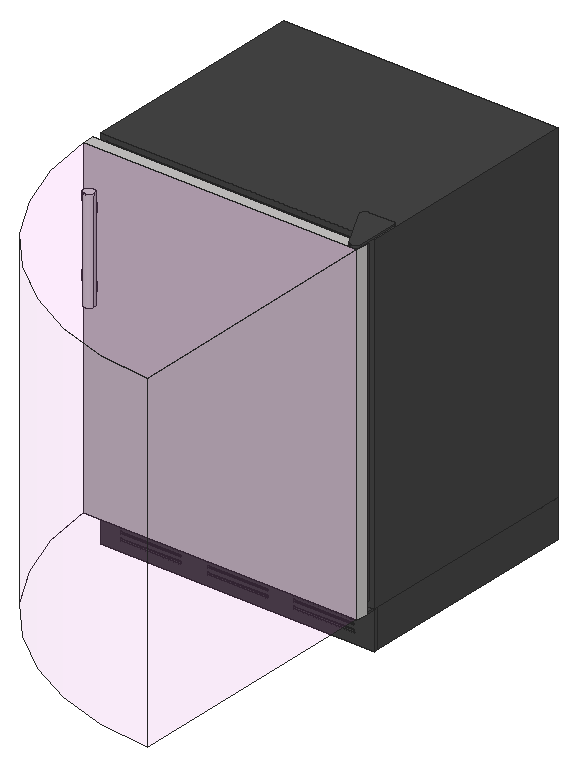
Revit family "QF_Summit_CT66BK2SSADA_Refrigerator-Freezer", category Specialty Equipment, Revit 2020
Family settings
  Round Connector Dimension = Use Diameter
  Part Type = Normal
  Work Plane-Based = No
  Always vertical = Yes
  Cut with Voids When Loaded = No
  Shared = No
  Room Calculation Point = No
Parameters
  Weight in Pounds = 100
  Watts = Volts * FL Amps  # 138 W
  Volts = 115 V
  URL Cutsheet = ""
  Specification by User = ""
  Specification by Manufacturer = ""
  Show LHD [instance] = no
  Serial Number = ""
  Seismic Rating = ""
  SMACNA No = ""
  Right Hinged Door [instance] = not(Show LHD)  # yes
  Revision Code = ""
  Refrigerant Volume = 0.00 kip
  Refrigerant Type = "R600a"
  Phase = 1
  Number of Poles = 1
  NAFEM Spec ID Number = ""
  Model = "CT66BK2SSADA"
  Min Ckt Ampacity = 0 A
  Max Overcurrent Protection = 0 A
  Masterspec = ""
  Manufacturer = "Summit"
  Length = 23 5/8"
  Item Number = ""
  Installed By = ""
  Identify Quantity as Lot = yes
  Height = 32 1/8"
  HP = ""
  Furnished By = ""
  Foodservice Equipment Identifier = yes
  FL Amps = 1.2 A
  Electrical Remarks = ""
  Electric Connection Type = ""
  Elec Conn RI Height = 0"
  Elec Conn Connection Height = 0"
  Description = "Refrigerator-Freezer"
  Depth = 22 3/8"
  Default Elevation = 0"
  Cycle = 60 Hz
  Conn Plug = ""
  Conn Conduit = yes
  CSI MasterFormat = ""
  BTUH = 0.0 Btu/h
  Apparent Power = if(Phase = 3, Volts * FL Amps * 1.73, Volts * FL Amps)  # 138 VA
Reference planes (in)
  plane 1 "BACK": y = 0
  plane 2: z = 0
  plane 3 "LEFT": x = 0
  plane 4 "RIGHT": x = 23.625
  plane 5 "FRONT": y = -22.375
  plane 6 "TOP": z = 32.125
  plane 7 "Center Y": x = 11.8125
  plane 8 "Center X": y = -11.1875
  plane 9: z = 32
  plane 10: y = -24
  plane 11: y = -45
  plane 12: y = -0.75
  plane 13: y = -20.5
  plane 14: z = 0.125
  plane 15: z = 3.375
  plane 16: x = 17.46169
Forms (in)
  Extrusion 1, solid, material "QF_Metallic_Paint_Black_Smooth"
    sketch origin (-4.07558, -180, 0.25) x (-1, 0, 0) y (0, -1, 0)
      loop
        line (-4.07558, -179.25) -> (-4.07558, -159.5) -> (-27.70058, -159.5) -> (-27.70058, -179.25) -> (-4.07558, -179.25)
    from 3.125 to 31.75
  Extrusion 2, solid, material "QF_Metal_Stainless_Polished", visible <- "Right Hinged Door"
    sketch origin (-5.77638, -180, 3.5) x (-1, 0, 0) y (0, -1, 0)
      loop
        line (-5.77638, -157.625) -> (-29.40138, -157.625) -> (-29.40138, -158.625) -> (-5.77638, -158.625) -> (-5.77638, -157.625)
    from -0.125 to 28.5
  Extrusion 3, solid, material "QF_Metallic_Paint_Black_Smooth"
    sketch origin (23.5, -21.375, 3.5) x (-1, 0, 0) y (0, 0, 1)
      loop
        line (0.375, 0.375) -> (23, 0.375) -> (23, 28) -> (0.375, 28) -> (0.375, 0.375)
    from 0 to 0.875
  Extrusion 4, solid, material "QF_Metallic_Paint_Black_Smooth", visible <- "Right Hinged Door"
    sketch origin (-5.77638, -180, 32) x (-1, 0, 0) y (0, -1, 0)
      loop
        arc (-29.27619, -161.7403) -> (-29.20297, -161.91708) -> (-29.02619, -161.9903) r 0.25
        line (-29.02619, -161.9903) -> (-26.9149, -161.9903)
        arc (-26.9149, -161.9903) -> (-26.55876, -161.78675) -> (-26.55339, -161.37658) r 0.41333
        line (-26.55339, -161.37658) -> (-28.47012, -157.91871)
        arc (-28.47012, -157.91871) -> (-28.95386, -157.71088) -> (-29.27619, -158.12717) r 0.42999
        line (-29.27619, -158.12717) -> (-29.27619, -161.7403)
    from 0 to 0.125
  Extrusion 5, solid, material "QF_Metal_Stainless_Polished", visible <- "Right Hinged Door"
    sketch origin (-1.6459, -180, 28.32044) x (-1, 0, 0) y (0, -1, 0)
      loop
        line (-1.6459, -158.625) -> (-1.5209, -158.625) -> (-1.5209, -157.55854) -> (-2.72981, -156.74311) -> (-3.38781, -156.74311) -> (-3.38781, -156.86811) -> (-2.76803, -156.86811) -> (-1.6459, -157.625) -> (-1.6459, -158.625)
    from 0 to -0.75
  Extrusion 6, solid, material "QF_Metal_Stainless_Polished", visible <- "Right Hinged Door"
    sketch origin (-4.89398, -180, 20.5) x (-1, 0, 0) y (0, -1, 0)
      loop
        circle (-6.30689, -156.43406) r 0.43516
    from 0 to 8.75
  Extrusion 7, solid, material "QF_Metal_Stainless_Polished", visible <- "Right Hinged Door"
    sketch origin (-1.6459, -180, 21.42956) x (0, 1, 0) y (1, 0, 0)
      loop
        line (158.625, 1.6459) -> (157.625, 1.6459) -> (156.86811, 2.76803) -> (156.86811, 3.38781) -> (156.74311, 3.38781) -> (156.74311, 2.72981) -> (157.55854, 1.5209) -> (158.625, 1.5209) -> (158.625, 1.6459)
    from 0 to -0.75
  Extrusion 8, solid, material "QF_Metallic_Paint_Black_Smooth", visible <- "Right Hinged Door"
    sketch origin (-5.77638, -180, 3.375) x (0, 1, 0) y (1, 0, 0)
      loop
        line (159.5, 29.27619) -> (158.12717, 29.27619)
        arc (158.12717, 29.27619) -> (157.71088, 28.95386) -> (157.91871, 28.47012) r 0.42999
        line (157.91871, 28.47012) -> (159.5, 27.5936) -> (159.5, 29.27619)
    from 0 to 0.125
  Extrusion 9, solid, material "QF_Metallic_Paint_Black_Smooth"
    sketch origin (-12.48311, -20.5, 48) x (-1, 0, 0) y (0, 0, 1)
      loop
        line (-12.48311, -44.625) -> (-36.10811, -44.625) -> (-36.10811, -47.875) -> (-12.48311, -47.875) -> (-12.48311, -44.625)
      loop
        line (-14.18872, -45.26011) -> (-19.43872, -45.26011) -> (-19.43872, -45.51011) -> (-14.18872, -45.51011) -> (-14.18872, -45.26011)
      loop
        line (-14.18872, -45.76011) -> (-19.43872, -45.76011) -> (-19.43872, -46.01011) -> (-14.18872, -46.01011) -> (-14.18872, -45.76011)
      loop
        line (-14.18872, -46.26011) -> (-19.43872, -46.26011) -> (-19.43872, -46.51011) -> (-14.18872, -46.51011) -> (-14.18872, -46.26011)
      loop
        line (-14.18872, -46.76011) -> (-19.43872, -46.76011) -> (-19.43872, -47.01011) -> (-14.18872, -47.01011) -> (-14.18872, -46.76011)
      loop
        line (-21.67061, -45.26011) -> (-26.92061, -45.26011) -> (-26.92061, -45.51011) -> (-21.67061, -45.51011) -> (-21.67061, -45.26011)
      loop
        line (-21.67061, -45.76011) -> (-26.92061, -45.76011) -> (-26.92061, -46.01011) -> (-21.67061, -46.01011) -> (-21.67061, -45.76011)
      loop
        line (-21.67061, -46.26011) -> (-26.92061, -46.26011) -> (-26.92061, -46.51011) -> (-21.67061, -46.51011) -> (-21.67061, -46.26011)
      loop
        line (-21.67061, -46.76011) -> (-26.92061, -46.76011) -> (-26.92061, -47.01011) -> (-21.67061, -47.01011) -> (-21.67061, -46.76011)
      loop
        line (-34.40249, -45.26011) -> (-34.40249, -45.51011) -> (-29.15249, -45.51011) -> (-29.15249, -45.26011) -> (-34.40249, -45.26011)
      loop
        line (-34.40249, -45.76011) -> (-34.40249, -46.01011) -> (-29.15249, -46.01011) -> (-29.15249, -45.76011) -> (-34.40249, -45.76011)
      loop
        line (-34.40249, -46.26011) -> (-34.40249, -46.51011) -> (-29.15249, -46.51011) -> (-29.15249, -46.26011) -> (-34.40249, -46.26011)
      loop
        line (-34.40249, -46.76011) -> (-34.40249, -47.01011) -> (-29.15249, -47.01011) -> (-29.15249, -46.76011) -> (-34.40249, -46.76011)
    from 0 to 0.25
  Extrusion 10, solid, material "QF_Metallic_Paint_Black_Smooth"
    sketch origin (-12.48311, -1, 48) x (-1, 0, 0) y (0, 0, 1)
      loop
        line (-12.48311, -44.625) -> (-36.10811, -44.625) -> (-36.10811, -47.875) -> (-12.48311, -47.875) -> (-12.48311, -44.625)
    from -19.25 to 0.25
  Extrusion 11, solid, material "QF_Metallic_Paint_Black_Smooth"
    sketch origin (0, 0, 0) x (1, 0, 0) y (0, 1, 0)
      loop
        circle (3.1104, -18.5) r 0.5
      loop
        circle (3.1104, -2.75) r 0.5
      loop
        circle (20.5146, -18.5) r 0.5
      loop
        circle (20.5146, -2.75) r 0.5
    from 0 to 0.125
  Extrusion 12, solid, material "QF_Metal_Stainless_Polished"
    sketch origin (0, -0.75, 0.25) x (1, 0, 0) y (0, 0, -1)
      loop
        circle (17.46169, -0.84684) r 0.25
    from 0 to 0.25
  Extrusion 13, solid, material "QF_Metallic_Paint_Black_Smooth"
    sketch origin (0, -0.75, 17.75) x (0, -1, 0) y (1, 0, 0)
      loop
        line (-0.75, 9.30778) -> (0, 9.30778) -> (0, 14.31722) -> (-0.75, 14.31722) -> (-0.75, 9.30778)
    from -3 to 3
  Extrusion 14, solid, material "QF_Clearances_Door_Drawer", visible <- "Right Hinged Door"
    sketch origin (-5.77638, -180, 3.375) x (0, -1, 0) y (-1, 0, 0)
      loop
        line (-157.625, -29.40138) -> (-135, -29.40138)
        arc (-135, -29.40138) -> (-141.73517, -13.2053) -> (-157.625, -5.77638) r 24.27307
        line (-157.625, -5.77638) -> (-157.625, -29.40138)
    from 0 to -28.625
  Extrusion 15, solid, material "QF_Metallic_Paint_Black_Smooth", visible <- "Show LHD"
    sketch origin (29.40138, -180, 32) x (1, 0, 0) y (0, 1, 0)
      loop
        line (-29.27619, 161.7403) -> (-29.27619, 158.12717)
        arc (-29.27619, 158.12717) -> (-28.95386, 157.71088) -> (-28.47012, 157.91871) r 0.42999
        line (-28.47012, 157.91871) -> (-26.55339, 161.37658)
        arc (-26.55339, 161.37658) -> (-26.55876, 161.78675) -> (-26.9149, 161.9903) r 0.41333
        line (-26.9149, 161.9903) -> (-29.02619, 161.9903)
        arc (-29.02619, 161.9903) -> (-29.20297, 161.91708) -> (-29.27619, 161.7403) r 0.25
    from 0 to 0.125
  Extrusion 16, solid, material "QF_Metal_Stainless_Polished", visible <- "Show LHD"
    sketch origin (25.2709, -180, 28.32044) x (1, 0, 0) y (0, 1, 0)
      loop
        line (-1.6459, 158.625) -> (-1.6459, 157.625) -> (-2.76803, 156.86811) -> (-3.38781, 156.86811) -> (-3.38781, 156.74311) -> (-2.72981, 156.74311) -> (-1.5209, 157.55854) -> (-1.5209, 158.625) -> (-1.6459, 158.625)
    from 0 to -0.75
  Extrusion 17, solid, material "QF_Metal_Stainless_Polished", visible <- "Show LHD"
    sketch origin (28.51898, -180, 20.5) x (1, 0, 0) y (0, 1, 0)
      loop
        circle (-6.30689, 156.43406) r 0.43516
    from 0 to 8.75
  Extrusion 18, solid, material "QF_Metal_Stainless_Polished", visible <- "Show LHD"
    sketch origin (25.2709, -180, 21.42956) x (0, -1, 0) y (-1, 0, 0)
      loop
        line (-158.625, 1.6459) -> (-158.625, 1.5209) -> (-157.55854, 1.5209) -> (-156.74311, 2.72981) -> (-156.74311, 3.38781) -> (-156.86811, 3.38781) -> (-156.86811, 2.76803) -> (-157.625, 1.6459) -> (-158.625, 1.6459)
    from 0 to -0.75
  Extrusion 19, solid, material "QF_Metallic_Paint_Black_Smooth", visible <- "Show LHD"
    sketch origin (29.40138, -180, 3.375) x (0, -1, 0) y (-1, 0, 0)
      loop
        line (-159.5, 29.27619) -> (-159.5, 27.5936) -> (-157.91871, 28.47012)
        arc (-157.91871, 28.47012) -> (-157.71088, 28.95386) -> (-158.12717, 29.27619) r 0.42999
        line (-158.12717, 29.27619) -> (-159.5, 29.27619)
    from 0 to 0.125
  Extrusion 20, solid, material "QF_Clearances_Door_Drawer", visible <- "Show LHD"
    sketch origin (29.40138, -180, 3.375) x (0, 1, 0) y (1, 0, 0)
      loop
        line (157.625, -29.40138) -> (157.625, -5.77638)
        arc (157.625, -5.77638) -> (141.73517, -13.2053) -> (135, -29.40138) r 24.27307
        line (135, -29.40138) -> (157.625, -29.40138)
    from 0 to -28.625
Lines and regions (in)
  symbolic lines
    curve 1: line (0, -0.75, 0) -> (23.625, -0.75, 0)
    curve 2: line (0, -20.5, 0) -> (0, -0.75, 0)
    curve 3: line (23.625, -20.5, 0) -> (23.49982, -20.5, 0)
    curve 4: line (23.625, -0.75, 0) -> (23.625, -20.5, 0)
    curve 5: line (21.81722, -20.5, 0) -> (1.80778, -20.5, 0)
    curve 12: line (23.625, -22.375, 0) -> (0, -22.375, 0)
    curve 13: line (0, -21.375, 0) -> (0, -22.375, 0)
    curve 14: line (23.625, -21.375, 0) -> (23.49982, -21.375, 0)
    curve 15: line (23.625, -22.375, 0) -> (23.625, -21.375, 0)
    curve 16: line (22.30224, -21.375, 0) -> (1.32276, -21.375, 0)
    curve 28: line (9.30778, -0.75, 0) -> (9.30778, 0, 0)
    curve 29: line (9.30778, 0, 0) -> (14.31722, 0, 0)
    curve 30: line (14.31722, 0, 0) -> (14.31722, -0.75, 0)
    curve 40: line (0, -21.375, 0) -> (0.12518, -21.375, 0)
    curve 41: line (0, -22.375, 0) -> (0, -21.375, 0)
    curve 45: line (23.625, -22.375, 0) -> (23.625, -21.375, 0)
    curve 47: line (0.12518, -20.5, 0) -> (0, -20.5, 0)
    curve 49: line (0.12518, -21.375, 0) -> (0, -21.375, 0)
  symbolic lines, visible <- "Right Hinged Door"
    curve 6: line (23.49982, -21.87283, 0) -> (23.49982, -18.2597, 0)
    curve 7: arc (23.49982, -18.2597, 0) -> (23.42659, -18.08292, 0) -> (23.24982, -18.0097, 0) r 0.25
    curve 8: line (23.24982, -18.0097, 0) -> (21.13852, -18.0097, 0)
    curve 9: arc (21.13852, -18.0097, 0) -> (20.78238, -18.21325, 0) -> (20.77701, -18.62342, 0) r 0.41333
    curve 10: line (20.77701, -18.62342, 0) -> (22.69374, -22.08129, 0)
    curve 11: arc (22.69374, -22.08129, 0) -> (23.17748, -22.28912, 0) -> (23.49982, -21.87283, 0) r 0.42999
    curve 17: line (-0.125, -21.375, 0) -> (-0.125, -22.44146, 0)
    curve 18: line (-0.125, -22.44146, 0) -> (1.08391, -23.25689, 0)
    curve 19: arc (0.97776, -23.56594, 0) -> (1.41291, -24.0011, 0) -> (1.84807, -23.56594, 0) r 0.43516
    curve 20: line (1.74192, -23.13189, 0) -> (1.12213, -23.13189, 0)
    curve 21: line (1.12213, -23.13189, 0) -> (0, -22.375, 0)
    curve 22: line (1.74192, -23.25689, 0) -> (1.74192, -23.13189, 0)
    curve 23: arc (1.84807, -23.56594, 0) -> (1.73137, -23.26938, 0) -> (1.44385, -23.13189, 0) r 0.43516
    curve 24: line (1.08391, -23.25689, 0) -> (1.10657, -23.25689, 0)
    curve 25: line (1.71926, -23.25689, 0) -> (1.74192, -23.25689, 0)
    curve 26: arc (1.38198, -23.13189, 0) -> (1.09446, -23.26938, 0) -> (0.97776, -23.56594, 0) r 0.43516
    curve 27: line (0.5, -21.375, 0) -> (0.5, -20.5, 0)
    curve 33: line (0, -21.375, 0) -> (-0.125, -21.375, 0)
    curve 46: line (1.80778, -20.5, 0) -> (0.12518, -20.5, 0)
    curve 48: line (1.32276, -21.375, 0) -> (0.12518, -21.375, 0)
  symbolic lines, style "QF_Clearances_Door_Drawer", visible <- "Right Hinged Door"
    curve 31: line (23.625, -22.375, 0) -> (3.7814, -33.83171, 0)
    curve 32: arc (3.7814, -33.83171, 0) -> (1.19256, -28.41738, 0) -> (0.01125, -22.53337, 0) r 24.27307
  symbolic lines, visible <- "Show LHD"
    curve 34: line (0.12518, -21.87283, 0) -> (0.12518, -18.2597, 0)
    curve 35: arc (0.12518, -18.2597, 0) -> (0.19841, -18.08292, 0) -> (0.37518, -18.0097, 0) r 0.25
    curve 36: line (0.37518, -18.0097, 0) -> (2.48648, -18.0097, 0)
    curve 37: arc (2.48648, -18.0097, 0) -> (2.84262, -18.21325, 0) -> (2.84799, -18.62342, 0) r 0.41333
    curve 38: line (2.84799, -18.62342, 0) -> (0.93126, -22.08129, 0)
    curve 39: arc (0.93126, -22.08129, 0) -> (0.44752, -22.28912, 0) -> (0.12518, -21.87283, 0) r 0.42999
    curve 44: line (23.125, -21.375, 0) -> (23.125, -20.5, 0)
    curve 50: line (21.81722, -20.5, 0) -> (23.49982, -20.5, 0)
    curve 51: line (22.30224, -21.375, 0) -> (23.49982, -21.375, 0)
    curve 52: line (23.75, -21.375, 0) -> (23.75, -22.44146, 0)
    curve 53: line (23.75, -22.44146, 0) -> (22.52744, -23.26609, 0)
    curve 54: arc (22.64724, -23.56594, 0) -> (22.21209, -24.0011, 0) -> (21.77693, -23.56594, 0) r 0.43516
    curve 55: line (21.88308, -23.13189, 0) -> (22.50287, -23.13189, 0)
    curve 56: line (22.50287, -23.13189, 0) -> (23.625, -22.375, 0)
    curve 57: line (21.88308, -23.28113, 0) -> (21.88308, -23.13189, 0)
    curve 58: arc (21.77693, -23.56594, 0) -> (21.89363, -23.26938, 0) -> (22.18115, -23.13189, 0) r 0.43516
    curve 59: arc (22.24302, -23.13189, 0) -> (22.53054, -23.26938, 0) -> (22.64724, -23.56594, 0) r 0.43516
    curve 60: line (23.625, -21.375, 0) -> (23.75, -21.375, 0)
  symbolic lines, style "QF_Clearances_Door_Drawer", visible <- "Show LHD"
    curve 42: line (0, -22.375, 0) -> (19.8436, -33.83171, 0)
    curve 43: arc (19.8436, -33.83171, 0) -> (22.43244, -28.41738, 0) -> (23.61375, -22.53337, 0) r 24.27307
Dimensions and locks (in)
  equal spacing: plane 3 "LEFT", plane 7 "Center Y", plane 4 "RIGHT"
  "Length": plane 3 "LEFT" to plane 4 "RIGHT"
  equal spacing: plane 5 "FRONT", plane 8 "Center X", plane 1 "BACK"
  "Depth": plane 5 "FRONT" to plane 1 "BACK"
  "Height": plane 6 "TOP" to level
  plane 4 "RIGHT" to plane 3 "LEFT" = 23 5/8"
  plane 6 "TOP" to plane 9 = 1/8"
  plane 10 to plane 5 "FRONT" = 1 5/8"
  plane 1 "BACK" to plane 12 = 3/4"
  plane 12 to plane 13 = 19 3/4"
  plane 13 to plane 11 = 24 1/2"
  plane 12 to plane 11 = 44 1/4"
  plane 14 to plane 2 = 1/8"
  plane 9 to plane 14 = 31 7/8"
  plane 9 to plane 2 = 32"
  aligned and locked: level to plane 2
Automatic sketch dimensions
  Extrusion 1 sketch curve to plane 4 "RIGHT" = 0"
  Extrusion 1 sketch curve to plane 3 "LEFT" = 0"
  Extrusion 1 sketch curve to plane 12 = 0"
  Extrusion 1 sketch curve to plane 13 = 0"
  Extrusion 2 sketch curve to plane 4 "RIGHT" = 0"
  Extrusion 2 sketch curve to plane 3 "LEFT" = 0"
  plane 5 "FRONT" to Extrusion 2 sketch curve = 0"
  Extrusion 2 sketch curve to plane 13 = 7/8"
  Extrusion 2 to Extrusion 3 sketch curve = 1/2"  (x3)
  Extrusion 3 sketch curve to Extrusion 2 = 1/2"
  Extrusion 4 sketch curve to Extrusion 2 = 0.12518"
  Extrusion 4 sketch curve to Extrusion 4 sketch curve = 1/4"
  Extrusion 4 sketch curve to Extrusion 4 sketch curve = 0.42999"
  Extrusion 4 sketch curve to Extrusion 2 = 0.29371"
  Extrusion 4 sketch curve to Extrusion 4 sketch curve = 0.37608"
  Extrusion 4 sketch curve to Extrusion 4 sketch curve = 2.1113"
  Extrusion 4 sketch curve to Extrusion 4 sketch curve = 0.36151"
  Extrusion 2 to Extrusion 4 sketch curve = 2.75158"
  Extrusion 4 sketch curve to Extrusion 4 sketch curve = 0.20039"
  Extrusion 5 sketch curve to plane 3 "LEFT" = 0"
  plane 5 "FRONT" to Extrusion 5 sketch curve = 0"
  plane 3 "LEFT" to Extrusion 5 sketch curve = 1.08391"
  Extrusion 5 sketch curve to Extrusion 5 sketch curve = 0.03822"
  Extrusion 5 sketch curve to Extrusion 5 sketch curve = 0.61979"
  Extrusion 5 sketch curve to plane 3 "LEFT" = 1/8"
  Extrusion 5 sketch curve to plane 13 = 7/8"
  plane 5 "FRONT" to Extrusion 5 sketch curve = 0.06646"
  plane 5 "FRONT" to Extrusion 5 sketch curve = 0.75689"
  Extrusion 5 sketch curve to Extrusion 5 sketch curve = 1/8"
  plane 10 to Extrusion 6 sketch curve = 0.43406"
  plane 3 "LEFT" to Extrusion 6 sketch curve = 1.41291"
  Extrusion 7 sketch curve to plane 3 "LEFT" = 0"
  plane 5 "FRONT" to Extrusion 7 sketch curve = 0"
  plane 5 "FRONT" to Extrusion 7 sketch curve = 0.06646"
  plane 5 "FRONT" to Extrusion 7 sketch curve = 0.75689"
  Extrusion 7 sketch curve to Extrusion 7 sketch curve = 1/8"
  Extrusion 7 sketch curve to plane 3 "LEFT" = 1/8"
  Extrusion 7 sketch curve to plane 13 = 7/8"
  plane 3 "LEFT" to Extrusion 7 sketch curve = 1.08391"
  Extrusion 7 sketch curve to Extrusion 7 sketch curve = 0.03822"
  Extrusion 7 sketch curve to Extrusion 7 sketch curve = 0.61979"
  Extrusion 8 sketch curve to plane 13 = 0"
  Extrusion 8 sketch curve to plane 5 "FRONT" = 0.50217"
  Extrusion 8 sketch curve to plane 5 "FRONT" = 0.29371"
  plane 4 "RIGHT" to Extrusion 8 sketch curve = 0.12518"
  Extrusion 8 sketch curve to Extrusion 8 sketch curve = 0.42999"
  Extrusion 8 sketch curve to Extrusion 8 sketch curve = 1.6826"
  plane 4 "RIGHT" to Extrusion 9 sketch curve = 0"
  Extrusion 9 sketch curve to plane 3 "LEFT" = 0"
  Extrusion 9 sketch curve to plane 14 = 0"
  Extrusion 9 sketch curve to plane 15 = 0"
  plane 4 "RIGHT" to Extrusion 9 sketch curve = 1.70562"
  Extrusion 9 sketch curve to Extrusion 9 sketch curve = 0"  (x18)
  plane 16 to Extrusion 9 sketch curve = 0.79231"
  plane 14 to Extrusion 9 sketch curve = 0.86489"  (x2)
  Extrusion 9 sketch curve to Extrusion 9 sketch curve = 2.23188"  (x2)
  Extrusion 9 sketch curve to plane 15 = 1.13511"
  Extrusion 9 sketch curve to plane 7 "Center Y" = 2 5/8"
  plane 14 to Extrusion 9 sketch curve = 1.11489"
  plane 3 "LEFT" to Extrusion 9 sketch curve = 1.70562"
  Extrusion 9 sketch curve to Extrusion 9 sketch curve = 1/4"  (x20)
  plane 4 "RIGHT" to Extrusion 10 sketch curve = 0"
  Extrusion 10 sketch curve to plane 3 "LEFT" = 0"
  Extrusion 10 sketch curve to plane 14 = 0"
  Extrusion 10 sketch curve to plane 15 = 0"
  plane 3 "LEFT" to Extrusion 11 sketch curve = 3.1104"  (x2)
  Extrusion 11 sketch curve to plane 16 = 3.05291"  (x2)
  plane 13 to Extrusion 11 sketch curve = 2"  (x2)
  Extrusion 11 sketch curve to plane 12 = 2"  (x2)
  Extrusion 12 sketch curve to Extrusion 1 = 2.27816"
  Extrusion 12 sketch curve to Extrusion 1 = 6.16331"
  plane 1 "BACK" to Extrusion 13 sketch curve = 0"
  Extrusion 13 sketch curve to plane 12 = 0"
  Extrusion 13 sketch curve to plane 7 "Center Y" = 2.50472"
  plane 7 "Center Y" to Extrusion 13 sketch curve = 2.50472"
  Extrusion 14 sketch curve to Extrusion 2 = 0"  (x3)
  Extrusion 14 sketch curve to Extrusion 2 = 0.64083"
  Extrusion 14 sketch curve to Extrusion 14 sketch curve = 22 5/8"
  Extrusion 15 sketch curve to Extrusion 2 = 0.12518"
  Extrusion 15 sketch curve to Extrusion 15 sketch curve = 1/4"
  Extrusion 15 sketch curve to Extrusion 15 sketch curve = 0.42999"
  Extrusion 15 sketch curve to Extrusion 2 = 0.29371"
  Extrusion 15 sketch curve to Extrusion 15 sketch curve = 0.37608"
  Extrusion 15 sketch curve to Extrusion 15 sketch curve = 2.1113"
  Extrusion 15 sketch curve to Extrusion 15 sketch curve = 0.36151"
  Extrusion 2 to Extrusion 15 sketch curve = 2.75158"
  Extrusion 15 sketch curve to Extrusion 15 sketch curve = 0.20039"
  Extrusion 16 sketch curve to plane 4 "RIGHT" = 0"
  plane 5 "FRONT" to Extrusion 16 sketch curve = 0"
  plane 4 "RIGHT" to Extrusion 16 sketch curve = 1.08391"
  Extrusion 16 sketch curve to Extrusion 16 sketch curve = 0.03822"
  Extrusion 16 sketch curve to Extrusion 16 sketch curve = 0.61979"
  Extrusion 16 sketch curve to plane 4 "RIGHT" = 1/8"
  plane 5 "FRONT" to Extrusion 16 sketch curve = 0.06646"
  plane 5 "FRONT" to Extrusion 16 sketch curve = 0.75689"
  Extrusion 16 sketch curve to Extrusion 16 sketch curve = 1/8"
  Extrusion 16 sketch curve to plane 13 = 7/8"
  plane 10 to Extrusion 17 sketch curve = 0.43406"
  plane 4 "RIGHT" to Extrusion 17 sketch curve = 1.41291"
  Extrusion 18 sketch curve to plane 4 "RIGHT" = 0"
  plane 5 "FRONT" to Extrusion 18 sketch curve = 0"
  Extrusion 18 sketch curve to plane 4 "RIGHT" = 1/8"
  Extrusion 18 sketch curve to plane 13 = 7/8"
  plane 5 "FRONT" to Extrusion 18 sketch curve = 0.06646"
  plane 5 "FRONT" to Extrusion 18 sketch curve = 0.75689"
  Extrusion 18 sketch curve to Extrusion 18 sketch curve = 1/8"
  plane 4 "RIGHT" to Extrusion 18 sketch curve = 1.08391"
  Extrusion 18 sketch curve to Extrusion 18 sketch curve = 0.03822"
  Extrusion 18 sketch curve to Extrusion 18 sketch curve = 0.61979"
  Extrusion 19 sketch curve to plane 13 = 0"
  plane 3 "LEFT" to Extrusion 19 sketch curve = 0.12518"
  Extrusion 19 sketch curve to plane 5 "FRONT" = 0.50217"
  Extrusion 19 sketch curve to plane 5 "FRONT" = 0.29371"
  Extrusion 19 sketch curve to Extrusion 19 sketch curve = 0.42999"
  Extrusion 19 sketch curve to Extrusion 19 sketch curve = 1.6826"
  Extrusion 20 sketch curve to Extrusion 2 = 0"  (x3)
  Extrusion 20 sketch curve to Extrusion 20 sketch curve = 22 5/8"
  Extrusion 20 sketch curve to Extrusion 2 = 0.59255"
  curve 19 to curve 26 = 0"
  curve 23 to curve 26 = 0"
  curve 54 to curve 58 = 0"
  curve 54 to curve 59 = 0"
  curve 2 to plane 3 "LEFT" = 0"
  curve 49 to plane 3 "LEFT" = 0"
  curve 47 to plane 13 = 0"
  curve 46 to plane 13 = 0"
  curve 5 to plane 13 = 0"
  curve 28 to plane 12 = 0"
  plane 1 "BACK" to curve 29 = 0"
  curve 50 to plane 13 = 0"
  curve 3 to plane 13 = 0"
  curve 3 to plane 4 "RIGHT" = 0"
  curve 56 to plane 4 "RIGHT" = 0"
  plane 5 "FRONT" to curve 12 = 0"
  curve 33 to plane 3 "LEFT" = 1/8"
  curve 43 to plane 13 = 0.23417"
  curve 43 to plane 3 "LEFT" = 0.59255"
  plane 3 "LEFT" to curve 48 = 0.12518"
  curve 34 to curve 36 = 1/4"
  curve 34 to curve 39 = 0.42999"
  curve 38 to plane 5 "FRONT" = 0.29371"
  curve 39 to curve 38 = 0.37608"
  plane 10 to curve 18 = 0.74311"
  plane 3 "LEFT" to curve 18 = 1.08391"
  curve 18 to curve 20 = 0.03822"
  curve 39 to curve 16 = 0.3915"
  curve 18 to curve 23 = 0.329"
  curve 19 to curve 22 = 0.329"
  curve 16 to curve 5 = 0.48502"
  curve 36 to curve 36 = 2.1113"
  plane 13 to curve 38 = 1.87658"
  plane 3 "LEFT" to curve 31 = 3.7814"
  curve 29 to plane 7 "Center Y" = 2.50472"
  plane 7 "Center Y" to curve 29 = 2.50472"
  curve 42 to plane 16 = 2.38191"
  plane 4 "RIGHT" to curve 10 = 2.84799"
  curve 9 to curve 8 = 0.36151"
  plane 4 "RIGHT" to curve 55 = 1.74192"
  curve 54 to curve 56 = 0.29079"
  curve 55 to curve 53 = 0.02457"
  curve 10 to plane 5 "FRONT" = 0.29371"
  plane 4 "RIGHT" to curve 10 = 0.93126"
  curve 10 to curve 11 = 0.37608"
  plane 4 "RIGHT" to curve 8 = 0.37518"
  plane 4 "RIGHT" to curve 6 = 0.12518"
  curve 52 to plane 4 "RIGHT" = 1/8"
  curve 32 to plane 13 = 0.23417"
  curve 32 to plane 4 "RIGHT" = 0.59255"
  plane 10 to curve 58 = 0.43406"
  plane 10 to curve 26 = 0.43406"
  curve 42 to plane 10 = 9.83171"
  curve 31 to plane 10 = 9.83171"
  curve 19 to curve 25 = 0.30906"
  curve 57 to curve 55 = 0.14924"
  curve 22 to curve 22 = 1/8"
  plane 5 "FRONT" to curve 53 = 0.06646"
  plane 5 "FRONT" to curve 17 = 0.06646"
  curve 34 to curve 49 = 0.49783"
  curve 6 to curve 60 = 0.49783"
  curve 48 to curve 40 = 0"
  plane 13 to curve 10 = 1.87658"
  curve 9 to curve 9 = 0.20039"
  curve 37 to curve 37 = 0.20039"
  curve 46 to curve 27 = 0.37482"
  curve 26 to curve 18 = 0.10616"
  curve 54 to curve 57 = 0.10616"
  curve 51 to curve 16 = 0"
  curve 44 to curve 3 = 0.37482"
  curve 53 to curve 55 = 0.1342"
  radius of Extrusion 6 sketch curve = 0.43516"
  radius of Extrusion 11 sketch curve = 1/2"  (x4)
  radius of Extrusion 12 sketch curve = 1/4"
  radius of Extrusion 17 sketch curve = 0.43516"
Connectors (in)
  electrical at (17.46169, -0.5, 1.09684), driven by "Volts", driven by "Watts"
    settings: on Extrusion 12, index 2, voltage 115 V, apparent load 138 VA, apparent load phase1 0 VA, apparent load phase2 0 VA, apparent load phase3 0 VA, power factor 1, load classification "Other", number of poles 1, system type 30, power factor state 1, is connector primary yes, connector utility no, sub classification motor no, connector description ""
